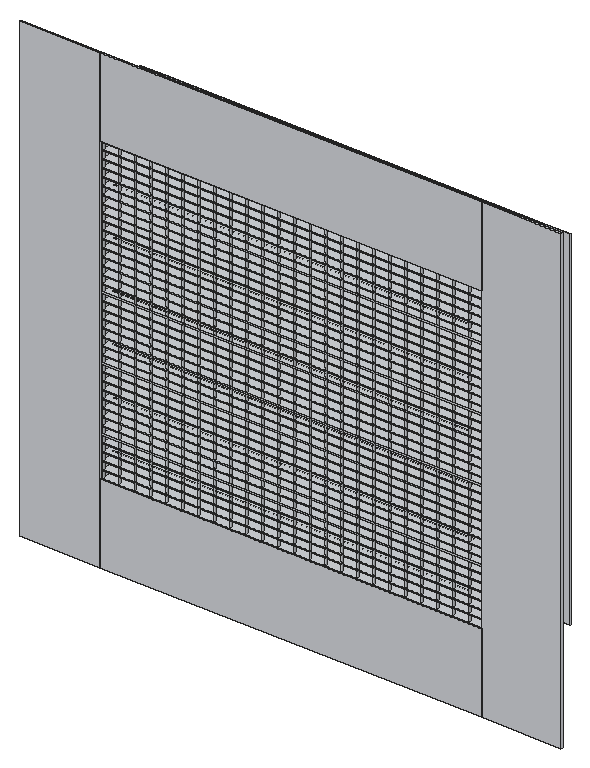
Revit family "ICBL-20 (Arrangement 1)", category Mechanical Equipment, Revit 2015
Parameters
  URL = "http://unitedenertech.com/catalog/pdf/C_29,%2030,%2031,%2032,%2033,%2034,%20&%2035%20ICBL-20.pdf"
  Type Comments = "Max. Single Section Size is (48\"w x 60\"h)"
  Model = "ICBL-20"
  Manufacturer = "United Enertech Corporation"
  Keynote = "Arrangement 4 is a Horizontal Installation of this Arrangement Construction"
  Exact Width = 4' - 0"
  Exact Height = 3' - 2"
  Equalizing Grid = yes
  Description = "Ventilation Blast Resistance Damper Arrangement 1"
  Blade Spacing = 0' - 6"
  Blade Number [instance] = rounddown((Exact Height - 0' 0 15/16") / Blade Spacing)  # 6
Reference planes (in)
  plane 1 "Center (Front/Back)": y = 0
  plane 2: z = 0
  plane 3 "Center (Left/Right)": x = 0
  plane 4: x = -24
  plane 5: x = 24
  plane 6: z = 38
  plane 7: z = 48
  plane 8: z = 41
  plane 9: z = -3
  plane 10: z = -10
  plane 11: z = 37.06629
Forms (in)
  Extrusion 1, solid
    sketch origin (3.26192, 63.48265, 0) x (0, 1, 0) y (-1, 0, 0)
      loop
        line (-63.23265, 30.26192) -> (-63.23265, 27.26192) -> (-53.23265, 27.26192) -> (-53.23265, 30.26192) -> (-53.36715, 30.26192) -> (-53.36715, 27.39642) -> (-63.09815, 27.39642) -> (-63.09815, 30.26192) -> (-63.23265, 30.26192)
    from -3 to 41
  Extrusion 2, solid
    sketch origin (3.26192, 64.13622, 0) x (0, 1, 0) y (-1, 0, 0)
      loop
        line (-64.13622, 37.26192) -> (-64.13622, 27.26192) -> (-63.88622, 27.26192) -> (-63.88622, 37.26192) -> (-64.13622, 37.26192)
    from -10 to 48
  Extrusion 3, solid
    sketch origin (-3.26192, 63.48265, 0) x (0, 1, 0) y (-1, 0, 0)
      loop
        line (-63.23265, -30.26192) -> (-63.09815, -30.26192) -> (-63.09815, -27.39642) -> (-53.36715, -27.39642) -> (-53.36715, -30.26192) -> (-53.23265, -30.26192) -> (-53.23265, -27.26192) -> (-63.23265, -27.26192) -> (-63.23265, -30.26192)
    from -3 to 41
  Extrusion 4, solid
    sketch origin (-3.26192, 64.13622, 0) x (0, 1, 0) y (-1, 0, 0)
      loop
        line (-64.13622, -37.26192) -> (-63.88622, -37.26192) -> (-63.88622, -27.26192) -> (-64.13622, -27.26192) -> (-64.13622, -37.26192)
    from -10 to 48
  Extrusion 5, solid
    sketch origin (-93.76997, 63.48265, 32.99658) x (0, 1, 0) y (0, 0, 1)
      loop
        line (-63.23265, 8.00342) -> (-63.23265, 5.00342) -> (-53.23265, 5.00342) -> (-53.23265, 8.00342) -> (-53.36715, 8.00342) -> (-53.36715, 5.13792) -> (-63.09815, 5.13792) -> (-63.09815, 8.00342) -> (-63.23265, 8.00342)
    from 69.76997 to 117.76997
  Extrusion 6, solid
    sketch origin (-93.76997, 64.13622, 32.99658) x (0, 1, 0) y (0, 0, 1)
      loop
        line (-64.13622, 15.00342) -> (-64.13622, 5.00342) -> (-63.88622, 5.00342) -> (-63.88622, 15.00342) -> (-64.13622, 15.00342)
    from 69.76997 to 117.76997
  Extrusion 7, solid
    sketch origin (-93.76997, 63.48265, 27.00342) x (0, 1, 0) y (0, 0, 1)
      loop
        line (-63.23265, -30.00342) -> (-63.09815, -30.00342) -> (-63.09815, -27.13792) -> (-53.36715, -27.13792) -> (-53.36715, -30.00342) -> (-53.23265, -30.00342) -> (-53.23265, -27.00342) -> (-63.23265, -27.00342) -> (-63.23265, -30.00342)
    from 69.76997 to 117.76997
  Extrusion 8, solid
    sketch origin (-93.76997, 64.13622, 27.00342) x (0, 1, 0) y (0, 0, 1)
      loop
        line (-64.13622, -37.00342) -> (-63.88622, -37.00342) -> (-63.88622, -27.00342) -> (-64.13622, -27.00342) -> (-64.13622, -37.00342)
    from 69.76997 to 117.76997
Dimensions and locks (in)
  equal spacing: plane 4, plane 3 "Center (Left/Right)", plane 5
  "Exact Width": plane 4 to plane 5
  "Exact Height": plane 6 to level
  locked: plane 7 to plane 6 at 10
  locked: plane 8 to plane 6 at 3
  locked: level to plane 9 at 3
  locked: level to plane 10 at 10
  locked: plane 6 to plane 11 at 0.93371
  equal spacing: group 1, group 2, group 3, group 4, group 5, group 6  (x2)
  equal spacing: group 6, group 5, group 4, group 3, group 2, group 1
  "Blade Spacing": nested 1 to nested 2
  aligned and locked: level to plane 2
  aligned and locked: plane 6 to Extrusion 5
  aligned and locked: plane 6 to Extrusion 6
  aligned and locked: plane 7 to Extrusion 2
  aligned and locked: plane 7 to Extrusion 4
  aligned and locked: plane 5 to Extrusion 6
  aligned and locked: plane 5 to Extrusion 5
  aligned and locked: plane 4 to Extrusion 6
  aligned and locked: plane 4 to Extrusion 5
  aligned and locked: plane 8 to Extrusion 1
  aligned and locked: plane 8 to Extrusion 3
  aligned and locked: Extrusion 2 to plane 10
  aligned and locked: Extrusion 4 to plane 10
  aligned and locked: Extrusion 3 to plane 9
  aligned and locked: Extrusion 1 to plane 9
  aligned and locked: plane 4 to Extrusion 8
  aligned and locked: plane 4 to Extrusion 7
  aligned and locked: plane 5 to Extrusion 8
  aligned and locked: plane 5 to Extrusion 7
  aligned and locked: plane 3 "Center (Left/Right)" to nested 1
  aligned and locked: plane 11 to nested 1
  aligned and locked: plane 3 "Center (Left/Right)" to nested 7
Automatic sketch dimensions
  Extrusion 1 sketch curve to plane 4 = 0' - 0"
  Extrusion 1 sketch curve to plane 1 "Center (Front/Back)" = 0' - 0 1/4"
  Extrusion 1 sketch curve to Extrusion 1 sketch curve = 0' - 0.1345"  (x2)
  plane 4 to Extrusion 1 sketch curve = 0' - 0.1345"
  Extrusion 1 sketch curve to Extrusion 1 sketch curve = 0' - 9.731"
  Extrusion 1 sketch curve to Extrusion 1 sketch curve = 0' - 2.8655"  (x2)
  plane 1 "Center (Front/Back)" to Extrusion 2 sketch curve = 0' - 0"
  Extrusion 2 sketch curve to plane 4 = 0' - 0"
  Extrusion 2 sketch curve to plane 1 "Center (Front/Back)" = 0' - 0 1/4"
  Extrusion 2 sketch curve to Extrusion 2 sketch curve = 0' - 10"
  Extrusion 3 sketch curve to plane 5 = 0' - 0"
  plane 1 "Center (Front/Back)" to Extrusion 3 sketch curve = 0' - 0 1/4"
  Extrusion 3 sketch curve to Extrusion 3 sketch curve = 0' - 0.1345"  (x2)
  Extrusion 3 sketch curve to plane 5 = 0' - 0.1345"
  Extrusion 3 sketch curve to Extrusion 3 sketch curve = 0' - 9.731"
  Extrusion 3 sketch curve to Extrusion 3 sketch curve = 0' - 2.8655"  (x2)
  plane 1 "Center (Front/Back)" to Extrusion 4 sketch curve = 0' - 0"
  Extrusion 4 sketch curve to plane 5 = 0' - 0"
  plane 1 "Center (Front/Back)" to Extrusion 4 sketch curve = 0' - 0 1/4"
  Extrusion 4 sketch curve to Extrusion 4 sketch curve = 0' - 10"
  Extrusion 5 sketch curve to plane 6 = 0' - 0"
  Extrusion 5 sketch curve to plane 8 = 0' - 0"  (x2)
  Extrusion 5 sketch curve to plane 1 "Center (Front/Back)" = 0' - 0 1/4"
  Extrusion 5 sketch curve to Extrusion 5 sketch curve = 0' - 0.1345"  (x2)
  plane 6 to Extrusion 5 sketch curve = 0' - 0.1345"
  Extrusion 5 sketch curve to Extrusion 5 sketch curve = 0' - 9.731"
  Extrusion 6 sketch curve to plane 1 "Center (Front/Back)" = 0' - 0"
  Extrusion 6 sketch curve to plane 7 = 0' - 0"
  Extrusion 6 sketch curve to plane 6 = 0' - 0"
  Extrusion 6 sketch curve to Extrusion 6 sketch curve = 0' - 0 1/4"
  level to Extrusion 7 sketch curve = 0' - 0"
  Extrusion 7 sketch curve to plane 1 "Center (Front/Back)" = 0' - 0 1/4"
  Extrusion 7 sketch curve to Extrusion 7 sketch curve = 0' - 0.1345"  (x3)
  Extrusion 7 sketch curve to Extrusion 7 sketch curve = 0' - 9.731"
  Extrusion 7 sketch curve to Extrusion 7 sketch curve = 0' - 2.8655"  (x2)
  level to Extrusion 8 sketch curve = 0' - 0"
  plane 1 "Center (Front/Back)" to Extrusion 8 sketch curve = 0' - 0"
  Extrusion 8 sketch curve to Extrusion 8 sketch curve = 0' - 0 1/4"
  Extrusion 8 sketch curve to level = 0' - 10"
Nested families (in)
  nested 1: "Family2" at (0, -4.55438, 28.7643), type "Family2"
    with Blade Width 4' - 0"
  nested 2: "Family2" at (0, -4.55438, 22.7643), type "Family2"
    with Blade Width 4' - 0"
  nested 3: "Family2" at (0, -4.55438, 16.7643), type "Family2"
    with Blade Width 4' - 0"
  nested 4: "Family2" at (0, -4.55438, 10.7643), type "Family2"
    with Blade Width 4' - 0"
  nested 5: "Family2" at (0, -4.55438, 4.7643), type "Family2"
    with Blade Width 4' - 0"
  nested 6: "Family2" at (0, -4.55438, -1.2357), type "Family2"
    with Blade Width 4' - 0"
  nested 7: "ICBL Grid" at (0, 0.25, 0), visible <- "Equalizing Grid", type "ICBL Grid"
    with Tube Number 24, Bar Number 38, Grid Width 4' - 0", Grid Height 3' - 2"
Definition of nested family "Family2"
  Parameters (values of type "Family2")
    Blade Width = 2' - 0"
  Reference planes (in)
    plane 1 "Center (Front/Back)": y = 0
    plane 2: z = 0
    plane 3 "Center (Left/Right)": x = 0
    plane 4: x = -12
    plane 5: x = 12
    plane 6: x = 13.5
    plane 7: x = -13.5
  Forms (in)
    Extrusion 1, solid
      sketch origin (-63.99311, 66.70132, -2.70821) x (0, 1, 0) y (0, 0, 1)
        loop
          circle (-56.38394, 10.8946) r 0.5
      from 50.49311 to 77.49311
    Extrusion 2, solid
      sketch origin (-63.99311, 66.70132, -2.70821) x (0, 1, 0) y (0, 0, 1)
        loop
          line (-56.87039, 11.01019) -> (-56.98499, 11.01019)
          arc (-56.98499, 11.01019) -> (-58.66709, 8.92679) -> (-59.84671, 6.52293) r 12.03083
          line (-59.84671, 6.52293) -> (-60.10229, 6.18377) -> (-59.99483, 6.10279) -> (-59.72752, 6.45752)
          arc (-59.72752, 6.45752) -> (-58.53451, 8.88169) -> (-56.87039, 11.01019) r 13.12432
      from 51.99311 to 75.99311
    Extrusion 3, solid
      sketch origin (-63.99311, 66.70132, -2.70821) x (0, 1, 0) y (0, 0, 1)
        loop
          line (-59.99483, 6.10279) -> (-59.88736, 6.02181) -> (-59.63178, 6.36097)
          arc (-59.63178, 6.36097) -> (-57.60485, 8.20451) -> (-56.0476, 10.45885) r 12.03083
          line (-56.0476, 10.45885) -> (-56.13874, 10.45885)
          arc (-56.13874, 10.45885) -> (-57.7261, 8.2725) -> (-59.72752, 6.45752) r 13.12432
          line (-59.72752, 6.45752) -> (-59.99483, 6.10279)
      from 51.99311 to 75.99311
  Dimensions and locks (in)
    equal spacing: plane 4, plane 3 "Center (Left/Right)", plane 5
    "Blade Width": plane 4 to plane 5
    locked: plane 7 to plane 4 at 1.5
    locked: plane 5 to plane 6 at 1.5
    aligned and locked: level to plane 2
    aligned and locked: plane 5 to Extrusion 2
    aligned and locked: plane 5 to Extrusion 3
    aligned and locked: Extrusion 1 to plane 6
    aligned and locked: plane 4 to Extrusion 3
    aligned and locked: plane 4 to Extrusion 2
    aligned and locked: plane 7 to Extrusion 1
  Automatic sketch dimensions
    Extrusion 1 sketch curve to plane 1 "Center (Front/Back)" = 0' - 10.31738"
    level to Extrusion 1 sketch curve = 0' - 8.1864"
    Extrusion 2 sketch curve to plane 1 "Center (Front/Back)" = 0' - 6.59903"
    level to Extrusion 2 sketch curve = 0' - 3.39458"
    Extrusion 2 sketch curve to Extrusion 2 sketch curve = 0' - 0.10746"
    level to Extrusion 2 sketch curve = 0' - 3.81472"
    Extrusion 2 sketch curve to Extrusion 2 sketch curve = 0' - 0.25558"
    level to Extrusion 2 sketch curve = 0' - 3.74931"
    Extrusion 2 sketch curve to Extrusion 2 sketch curve = 0' - 2.74253"
    Extrusion 2 sketch curve to Extrusion 2 sketch curve = 0' - 0.1146"
    Extrusion 2 sketch curve to level = 0' - 0.25043"
    Extrusion 2 sketch curve to Extrusion 2 sketch curve = 0' - 11.20402"
    Extrusion 2 sketch curve to level = 0' - 0.80294"
    plane 1 "Center (Front/Back)" to Extrusion 3 sketch curve = 0' - 0.79507"
    Extrusion 3 sketch curve to plane 1 "Center (Front/Back)" = 0' - 0.04075"
    Extrusion 3 sketch curve to plane 1 "Center (Front/Back)" = 0' - 6.70649"
    level to Extrusion 3 sketch curve = 0' - 3.3136"
    Extrusion 3 sketch curve to Extrusion 3 sketch curve = 0' - 0.10746"
    level to Extrusion 3 sketch curve = 0' - 3.74931"
    Extrusion 3 sketch curve to Extrusion 3 sketch curve = 0' - 0.26731"
    level to Extrusion 3 sketch curve = 0' - 3.65276"
    Extrusion 3 sketch curve to Extrusion 3 sketch curve = 0' - 3.58878"
    Extrusion 3 sketch curve to Extrusion 3 sketch curve = 0' - 0.09114"
    Extrusion 3 sketch curve to Extrusion 3 sketch curve = 0' - 4.00133"
    radius of Extrusion 1 sketch curve = 0' - 0 1/2"
Definition of nested family "ICBL Grid"
  Parameters (values of type "ICBL Grid")
    Tube Number [instance] = rounddown(Grid Width / Spacing 1)  # 6
    Spacing 2 = 0' - 1"
    Spacing 1 = 0' - 2"
    Grid Width = 1' - 0"
    Grid Height = 1' - 0"
    Bar Number [instance] = rounddown(Grid Height / Spacing 2)  # 12
  Reference planes (in)
    plane 1 "Center (Front/Back)": y = 0
    plane 2: z = 0
    plane 3 "Center (Left/Right)": x = 0
    plane 4: x = -6
    plane 5: x = 6
    plane 6: z = 12
  Dimensions and locks (in)
    equal spacing: plane 4, plane 3 "Center (Left/Right)", plane 5
    "Grid Width": plane 4 to plane 5
    "Grid Height": plane 6 to level
    equal spacing: group 1, group 2, group 3, group 4, group 5, group 6  (x3)
    "Spacing 1": nested 1 to nested 2
    equal spacing: group 7, group 8, group 9, group 10, group 11, group 12, group 13, group 14, group 15, group 16, group 17, group 18  (x2)
    equal spacing: group 18, group 17, group 16, group 15, group 14, group 13, group 12, group 11, group 10, group 9, group 8, group 7
    "Spacing 2": nested 8 to nested 7
    aligned and locked: level to plane 2
    aligned and locked: plane 4 to nested 1
    aligned and locked: plane 3 "Center (Left/Right)" to nested 7
    aligned and locked: plane 6 to nested 7
  Nested families (in)
    nested 1: "Family4" at (-6.11023, 0.44261, 0), type "Family4"
      with Height 1' - 0"
    nested 2: "Family4" at (-4.11023, 0.44261, 0), type "Family4"
      with Height 1' - 0"
    nested 3: "Family4" at (-2.11023, 0.44261, 0), type "Family4"
      with Height 1' - 0"
    nested 4: "Family4" at (-0.11023, 0.44261, 0), type "Family4"
      with Height 1' - 0"
    nested 5: "Family4" at (1.88977, 0.44261, 0), type "Family4"
      with Height 1' - 0"
    nested 6: "Family4" at (3.88977, 0.44261, 0), type "Family4"
      with Height 1' - 0"
    nested 7: "Family6" at (0, 0, 5.9375), type "Family6"
      with Width 1' - 0"
    nested 8: "Family6" at (0, 0, 4.9375), type "Family6"
      with Width 1' - 0"
    nested 9: "Family6" at (0, 0, 3.9375), type "Family6"
      with Width 1' - 0"
    nested 10: "Family6" at (0, 0, 2.9375), type "Family6"
      with Width 1' - 0"
    nested 11: "Family6" at (0, 0, 1.9375), type "Family6"
      with Width 1' - 0"
    nested 12: "Family6" at (0, 0, 0.9375), type "Family6"
      with Width 1' - 0"
    nested 13: "Family6" at (0, 0, -0.0625), type "Family6"
      with Width 1' - 0"
    nested 14: "Family6" at (0, 0, -1.0625), type "Family6"
      with Width 1' - 0"
    nested 15: "Family6" at (0, 0, -2.0625), type "Family6"
      with Width 1' - 0"
    nested 16: "Family6" at (0, 0, -3.0625), type "Family6"
      with Width 1' - 0"
    nested 17: "Family6" at (0, 0, -4.0625), type "Family6"
      with Width 1' - 0"
    nested 18: "Family6" at (0, 0, -5.0625), type "Family6"
      with Width 1' - 0"
  Definition of nested family "Family4"
    Parameters (values of type "Family4")
      Height = 2' - 0"
    Reference planes (in)
      plane 1 "Center (Front/Back)": y = 0
      plane 2: z = 0
      plane 3 "Center (Left/Right)": x = 0
      plane 4: z = 24
    Forms (in)
      Extrusion 1, solid
        sketch origin (-0.14411, 0.1034, 0) x (1, 0, 0) y (0, 1, 0)
          loop
            line (0.25435, -0.22648) -> (0.25435, -0.33854)
            arc (0.25435, -0.33854) -> (0.42326, -0.28251) -> (0.25435, -0.22648) r 0.09375
        from 0 to 24
    Dimensions and locks (in)
      "Height": plane 4 to level
      aligned and locked: level to plane 2
      aligned and locked: plane 4 to Extrusion 1
    Automatic sketch dimensions
      plane 3 "Center (Left/Right)" to Extrusion 1 sketch curve = 0' - 0.1854"
      plane 1 "Center (Front/Back)" to Extrusion 1 sketch curve = 0' - 0.17912"
      Extrusion 1 sketch curve to Extrusion 1 sketch curve = 0' - 0.07517"
      Extrusion 1 sketch curve to Extrusion 1 sketch curve = 0' - 0.05603"
  Definition of nested family "Family6"
    Parameters (values of type "Family6")
      Width = 3' - 0"
    Reference planes (in)
      plane 1 "Center (Front/Back)": y = 0
      plane 2: z = 0
      plane 3 "Center (Left/Right)": x = 0
      plane 4: x = -18
      plane 5: x = 18
    Forms (in)
      Extrusion 1, solid
        sketch origin (-50.81407, 51.66583, -7.39175) x (0, 1, 0) y (0, 0, 1)
          loop
            line (-51.66583, 13.32925) -> (-50.41583, 13.32925) -> (-50.41583, 13.45425) -> (-51.66583, 13.45425) -> (-51.66583, 13.32925)
        from 32.81407 to 68.81407
    Dimensions and locks (in)
      equal spacing: plane 4, plane 3 "Center (Left/Right)", plane 5
      "Width": plane 4 to plane 5
      aligned and locked: level to plane 2
      aligned and locked: plane 5 to Extrusion 1
      aligned and locked: plane 4 to Extrusion 1
    Automatic sketch dimensions
      level to Extrusion 1 sketch curve = 0' - 6 1/16"
      Extrusion 1 sketch curve to plane 1 "Center (Front/Back)" = 0' - 0"
      Extrusion 1 sketch curve to Extrusion 1 sketch curve = 0' - 1 1/4"
      Extrusion 1 sketch curve to Extrusion 1 sketch curve = 0' - 0 1/8"
